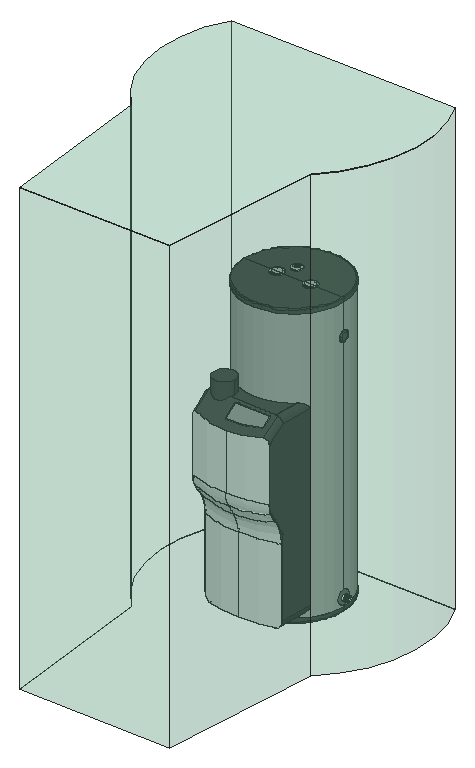
Revit family "Innovo BEFR_IR 32 285 BEFR NAT", category Mechanical Equipment, Revit 2015
Parameters (values of type "IR-32-285 BEFR NAT")
  largeur d'emballage = 786 mm  # constant formula
  l'Intervalle d'Entretien = "12 mois"  # constant formula
  Workspace Radius = Diameter + 170 mm  # 780 mm
  Workspace Height = Hauteur + 1000 mm  # 2745 mm
  Workspace Front Distance = 1000 mm
  Workspace [instance] = yes
  Valve Height 02 = if(and(Hauteur = 1745 mm, Diameter = 675 mm), 1518 mm, if(and(Hauteur = 1745 mm, Diameter = 610 mm), 1534 mm, if(Hauteur = 1545 mm, 1328 mm, 1070 mm)))  # 1534 mm
  Valve Height 01 = if(and(Diameter > 560 mm), 693 mm, 604 mm)  # 693 mm
  Valeur Maximale du Thermostat de Régulation = 85 °C  # constant formula
  Valeur Manimale du Thermostat de Régulation = 40 °C  # constant formula
  Valeur Défaut du Thermostat de Régulation = 65 °C  # constant formula
  URL = "www.aosmith.be"
  Type d'Installation = "B23/C13/C33/C43/C53/C63"  # constant formula
  Type d'emballage = "Carton et bois"  # constant formula
  Tension d'Alimentation (-15%, +10%) = 230 V  # constant formula
  Température Maximale des Fumées = 57 °C
  Temps de réchauffement à ΔT = 70°C = "49"
  Temps de réchauffement à ΔT = 55°C = "39"
  Temps de réchauffement à ΔT = 50°C = "35"
  Temps de réchauffement à ΔT = 44°C = "31"
  Temps de réchauffement à ΔT = 28°C = "20"
  Spécifications du Produit = ""
  Réglages du thermostat du chauffe-eau = 65 °C  # constant formula
  Réglage Standard Pour = "G20/G25"
  Rendement Saisonnier (Hs) = [Rendement (Hs, acc. NEN-EN 89 - 1999)]  # 97
  Rendement (Hs, acc. NEN-EN 89 - 1999) = 97
  Rendement (Hi, acc. NEN-EN 89 - 1999) = 108
  Raccord Évacuation de la Condensation = 40 mm  # constant formula
  Raccord de la Soupape de Vidange = 1"
  Raccord de Sortie d'Eau Chaude = 1"
  Raccord de Gaz = 15"  # constant formula
  Raccord d'Alimentation en Eau Froide = 3/4"  # constant formula
  Raccord Robinet de Vidange = 3/4"  # constant formula
  Puissance Électrique Absorbée (sommet) = 105 W
  Puissance Électrique Absorbée (nominal) = 51 W
  Profondeur d'emballage = 946 mm  # constant formula
  Profondeur = 780 mm  # constant formula
  Profils de soutirage déclaré = "XXL"
  Production Nominale = "23800.0/19800.0"
  Pression de Fonctionnement Maximale = 800000.0 Pa  # constant formula
  Pression Différentielle d'Ouverture de l'Interrupteur de Pression < = 210.0 Pa
  Pression Amont de Gaz = "2000/2500 Pa"
  Precaustions during assembling, installation or maintenance = "voir Manuel d'installation, d'emploi er d'entretien"  # constant formula
  Poids à vide = 136 kg
  Poids de Transport = 153 kg
  Phase = 1
  Pertes en Veille - tous les jours (24h) = 0 W
  Pertes en Veille = 0 W
  Nombre de modèle du produit (EAN) = "8717449286194"
  Niveau du Son dB (A) = "<45"  # constant formula
  Niveau de puissance acoustique à l'intérieur = "53 dB"
  NOx-émissions mg/kWh = "33.0/25.0"
  NOx-émissions (ven air, 0% O2) ppm = "21.0/15.0"
  Modèdele = "IR-24-285"
  Model = "IR-24-285 FR NAT"
  Marque commerciale = "A.O. Smith"  # constant formula
  Manufacturer = "A.O. Smith Water Products Company b.v."  # constant formula
  Largeur = Diameter  # 610 mm
  La commande intelligente = no
  L'efficacité énergétique pour le chauffage de l'eau (2) = "-"
  L'efficacité énergétique pour le chauffage de l'eau (1) = "91%"
  Hauteur du Raccordement au Gaz = 905 mm
  Hauteur de la Sortie d'eau Chaude = 1745 mm
  Hauteur de l'Alimentation en eau Froide = 170 mm
  Hauteur d'emballage = 1895 mm
  Hauteur Conduit d'Évacuation des Fumées = 1350 mm
  Hauteur Conduit d'Alimentation en Air = 1350 mm
  Hauteur = 1745 mm
  Guide de Produit = ""
  Garantie sur la Cuve = "36 mois"  # constant formula
  Garantie Pièces = "12 mois"  # constant formula
  Fréquence secteur = 50 Hz  # constant formula
  Forctionner qu'en heures creuses = no
  Fabricant No. = "E 7110"  # constant formula
  Epaisseur d'Isolation = 44 mm
  Débit de vidage à ΔT = 70°C après 90 min. = 630.0 L
  Débit de vidage à ΔT = 70°C après 60 min. = 490.0 L
  Débit de vidage à ΔT = 70°C après 30 min. = 340.0 L
  Débit de vidage à ΔT = 70°C après 120 min. = 780.0 L
  Débit de vidage à ΔT = 55°C après 90 min. = 830.0 L
  Débit de vidage à ΔT = 55°C après 60 min. = 650.0 L
  Débit de vidage à ΔT = 55°C après 30 min. = 460.0 L
  Débit de vidage à ΔT = 55°C après 120 min. = 1100.0 L
  Débit de vidage à ΔT = 50°C après 90 min. = 920.0 L
  Débit de vidage à ΔT = 50°C après 60 min. = 720.0 L
  Débit de vidage à ΔT = 50°C après 30 min. = 510.0 L
  Débit de vidage à ΔT = 50°C après 120 min. = 1200.0 L
  Débit de vidage à ΔT = 44°C après 90 min. = 1100.0 L
  Débit de vidage à ΔT = 44°C après 60 min. = 820.0 L
  Débit de vidage à ΔT = 44°C après 30 min. = 590.0 L
  Débit de vidage à ΔT = 44°C après 120 min. = 1300.0 L
  Débit de vidage à ΔT = 28°C après 90 min. = 1700.0 L
  Débit de vidage à ΔT = 28°C après 60 min. = 1400.0 L
  Débit de vidage à ΔT = 28°C après 30 min. = 960.0 L
  Débit de vidage à ΔT = 28°C après 120 min. = 2100.0 L
  Débit de vidage en Continu à ΔT = 70°C = 290.0 L/s
  Débit de vidage en Continu à ΔT = 55°C = 370.0 L/s
  Débit de vidage en Continu à ΔT = 50°C = 410.0 L/s
  Débit de vidage en Continu à ΔT = 44°C = 460.0 L/s
  Débit de vidage en Continu à ΔT = 28°C = 740.0 L/s
  Diamètre Cheminée - Système Parallèle = "2x80"  # constant formula
  Diamètre Cheminée - Système Concentrique = "80/125 mm/mm"  # constant formula
  Diamètre Cheminée - Boiler = "80/125 mm/mm"  # constant formula
  Diameter = 610 mm
  Destination / Country = "Belgique"  # constant formula
  Description = "Préparateur ECS Solaire en Combinaison avec Réservoir de Stockage"  # constant formula
  D'autres profils de soutirage = "-"
  Created By = "http://www.cadcompany.nl/"
  Consommation de Gaz - Volume ltr/hr = "2.30/2.30"
  Consommation de Gaz - Masse kg/h = "a/p"
  Class d'efficacité énergétique (2) = "-"
  Class d'efficacité énergétique (1) = "A"  # constant formula
  Charge Nominale (Valeur Supérieure) = "24400.0/19600.0"
  Charge Nominale (Valeur Inférieure) = "22000.0/18300.0"
  Charge Maximale au Sol = 438 kg
  Catégorie de Gaz = "I2E(S)B"
  Capacité = 285.0 L
  CO2 Émissions (tol. +/- 1.0) vol% = "9.3/7.5"
  CE-PIN = "0063CQ3037"  # constant formula
  BIM Content Developer = "CAD & Company"  # constant formula
  Assembly Code = "D3010"
  Annual fuel consumption (2) = "-"
  Annual fuel consumption (1) = "21 GJ GCV"
  Annual electricity consumption (2) = "-"
  Annual electricity consumption (1) = "45 kWh"
  2ème Entretien (Entretien Général) = "12 mois après l'installation"  # constant formula
  1er Entretien (check-up) = "3 mois après l'installation"  # constant formula
Reference planes
  plane 1 "Center (Front/Back)": y = 0
  plane 2: z = 0
  plane 3 "Center (Left/Right)": x = 0
  plane 4 "Pipe": through (-383.901, 912.349, 194.799) normal (-0.0879, -0.0879, 0.9923)
  plane 5 "footing": y = 118.925
  plane 6 "footing front": y = -237.85
  plane 7: x = -305
  plane 8: x = 305
  plane 9: z = 1745
Forms (mm)
  Revolve 1, solid, material "RAL 9005", detail levels medium+fine
    sketch origin (0, -237.85, 0) x (-1, 0, 0) y (0, 0, 1)
      loop
        line (0, 28.9) -> (-15, 28.9) -> (-15, 26.4) -> (-8.671, 26.4) -> (-8.671, 18) -> (-5.686, 18) -> (-6.626, 17.06) -> (-6.626, 12.06) -> (-8.671, 12.06) -> (-8.671, 10) -> (-10.031, 10) -> (-23.271, 5.181)
        arc (-23.271, 5.181) -> (-23.763, 4.836) -> (-24.017, 4.293) r 1.159
        line (-24.017, 4.293) -> (-24.017, 1.03)
        arc (-24.017, 1.03) -> (-23.715, 0.302) -> (-22.986, 0) r 1.03
        line (-22.986, 0) -> (0, 0) -> (0, 28.9)
      axis (0, 28.9) -> (0, 0)
    angle from 0 to 360
  Revolve 2, solid, material "RAL 9005", detail levels medium+fine
    sketch origin (0, 118.925, 0) x (-1, 0, 0) y (0, 0, 1)
      loop
        line (-205.984, 28.9) -> (-220.984, 28.9) -> (-220.984, 26.4) -> (-214.655, 26.4) -> (-214.655, 18) -> (-211.67, 18) -> (-212.61, 17.06) -> (-212.61, 12.06) -> (-214.655, 12.06) -> (-214.655, 10) -> (-216.015, 10) -> (-229.256, 5.181)
        arc (-229.256, 5.181) -> (-229.747, 4.836) -> (-230.001, 4.293) r 1.159
        line (-230.001, 4.293) -> (-230.001, 1.03)
        arc (-230.001, 1.03) -> (-229.699, 0.302) -> (-228.971, 0) r 1.03
        line (-228.971, 0) -> (-205.984, 0) -> (-205.984, 28.9)
      axis (-205.984, 28.9) -> (-205.984, 0)
    angle from 0 to 360
  Revolve 3, solid, material "RAL 9005", detail levels medium+fine
    sketch origin (0, 118.925, 0) x (-1, 0, 0) y (0, 0, 1)
      loop
        line (204.016, 28.9) -> (189.016, 28.9) -> (189.016, 26.4) -> (195.345, 26.4) -> (195.345, 18) -> (198.33, 18) -> (197.39, 17.06) -> (197.39, 12.06) -> (195.345, 12.06) -> (195.345, 10) -> (193.985, 10) -> (180.744, 5.181)
        arc (180.744, 5.181) -> (180.253, 4.836) -> (179.999, 4.293) r 1.159
        line (179.999, 4.293) -> (179.999, 1.03)
        arc (179.999, 1.03) -> (180.301, 0.302) -> (181.029, 0) r 1.03
        line (181.029, 0) -> (204.016, 0) -> (204.016, 28.9)
      axis (204.016, 28.9) -> (204.016, 0)
    angle from 0 to 360
Lines and regions (mm)
  symbolic lines
    curve 1: line (0, 280.06, 0) -> (0, -280.06, 0)
    curve 2: line (-280.06, 0, 0) -> (280.06, 0, 0)
  symbolic lines, style "Workspace"
    curve 3: line (681.142, 380.06, 0) -> (-681.142, 380.06, 0)
    curve 4: arc (-681.142, 380.06, 0) -> (-777.325, -64.546, 0) -> (-609.127, -487.2, 0) r 780
    curve 5: line (-609.127, -487.2, 0) -> (-421.783, -1517.825, 0)
    curve 6: line (-421.783, -1517.825, 0) -> (424.03, -1517.825, 0)
    curve 7: line (424.03, -1517.825, 0) -> (611.027, -484.816, 0)
    curve 8: arc (611.027, -484.816, 0) -> (777.449, -63.027, 0) -> (681.142, 380.06, 0) r 780
Dimensions and locks
  plane 5 "footing" to plane 1 "Center (Front/Back)" = 118.925 mm
  plane 1 "Center (Front/Back)" to plane 6 "footing front" = 237.85 mm
  "Diameter": plane 7 to plane 8
  equal spacing: plane 7, plane 3 "Center (Left/Right)", plane 8
  "Hauteur": plane 9 to plane 2
  "Workspace Front Distance": curve 6 to nested 3
  "Workspace Radius": radius of curve 4
  "Workspace Radius": radius of curve 8
  aligned and locked: level to plane 2
  aligned and locked: nested 3 to Revolve 1 sketch curve
  aligned and locked: plane 3 "Center (Left/Right)" to Revolve 1 sketch curve
  aligned and locked: nested 3 to plane 1 "Center (Front/Back)"
  aligned and locked: plane 3 "Center (Left/Right)" to nested 3
  aligned and locked: nested 1 to plane 8
  aligned and locked: nested 5 to plane 8
  aligned and locked: nested 2 to plane 7
  aligned and locked: nested 4 to plane 7
  aligned and locked: nested 7 to plane 7
  aligned and locked: nested 8 to plane 3 "Center (Left/Right)"
  aligned and locked: plane 1 "Center (Front/Back)" to nested 8
  aligned and locked: nested 8 to nested 3
  aligned and locked: curve 3 to nested 8
Automatic sketch dimensions
  Revolve 1 sketch curve to level = 0 mm
  plane 3 "Center (Left/Right)" to Revolve 1 sketch curve = 5.686 mm
  Revolve 1 sketch curve to Revolve 1 sketch curve = 0.94 mm  (x2)
  Revolve 1 sketch curve to Revolve 1 sketch curve = 2.046 mm  (x2)
  Revolve 1 sketch curve to Revolve 1 sketch curve = 1.359 mm
  Revolve 1 sketch curve to Revolve 1 sketch curve = 6.329 mm
  level to Revolve 1 sketch curve = 4.091 mm
  Revolve 1 sketch curve to Revolve 1 sketch curve = 12.844 mm
  level to Revolve 1 sketch curve = 1.03 mm
  Revolve 1 sketch curve to Revolve 1 sketch curve = 0.111 mm
  level to Revolve 1 sketch curve = 5.181 mm
  Revolve 1 sketch curve to Revolve 1 sketch curve = 0.745 mm
  level to Revolve 1 sketch curve = 10 mm
  Revolve 1 sketch curve to Revolve 1 sketch curve = 2.06 mm
  Revolve 1 sketch curve to Revolve 1 sketch curve = 5 mm
  Revolve 1 sketch curve to Revolve 1 sketch curve = 8.4 mm
  Revolve 1 sketch curve to Revolve 1 sketch curve = 2.5 mm
  Revolve 1 sketch curve to level = 19.635 mm
  Revolve 1 sketch curve to Revolve 1 sketch curve = 46.465 mm
  Revolve 2 sketch curve to level = 0 mm
  level to Revolve 2 sketch curve = 1.03 mm
  Revolve 2 sketch curve to plane 8 = 74.999 mm
  level to Revolve 2 sketch curve = 5.181 mm
  Revolve 2 sketch curve to Revolve 2 sketch curve = 0.745 mm
  Revolve 2 sketch curve to Revolve 2 sketch curve = 0.397 mm
  Revolve 2 sketch curve to Revolve 2 sketch curve = 8.271 mm
  Revolve 2 sketch curve to Revolve 2 sketch curve = 13.241 mm
  Revolve 2 sketch curve to Revolve 2 sketch curve = 1.359 mm
  Revolve 2 sketch curve to Revolve 2 sketch curve = 6.329 mm
  Revolve 2 sketch curve to Revolve 2 sketch curve = 2.046 mm
  level to Revolve 2 sketch curve = 18 mm
  Revolve 2 sketch curve to Revolve 2 sketch curve = 0.94 mm  (x2)
  Revolve 2 sketch curve to Revolve 2 sketch curve = 8.671 mm
  Revolve 2 sketch curve to Revolve 2 sketch curve = 1.089 mm
  Revolve 2 sketch curve to Revolve 2 sketch curve = 8 mm
  Revolve 2 sketch curve to Revolve 2 sketch curve = 2.06 mm
  Revolve 2 sketch curve to Revolve 2 sketch curve = 8.4 mm
  Revolve 2 sketch curve to Revolve 2 sketch curve = 2.5 mm
  Revolve 2 sketch curve to Revolve 2 sketch curve = 0 mm
  Revolve 2 sketch curve to level = 19.635 mm
  Revolve 2 sketch curve to Revolve 2 sketch curve = 46.465 mm
  Revolve 3 sketch curve to level = 0 mm
  level to Revolve 3 sketch curve = 1.03 mm
  Revolve 3 sketch curve to plane 7 = 125.001 mm
  level to Revolve 3 sketch curve = 5.181 mm
  Revolve 3 sketch curve to Revolve 3 sketch curve = 0.745 mm
  Revolve 3 sketch curve to Revolve 3 sketch curve = 0.397 mm
  Revolve 3 sketch curve to Revolve 3 sketch curve = 8.271 mm
  Revolve 3 sketch curve to Revolve 3 sketch curve = 13.241 mm
  Revolve 3 sketch curve to Revolve 3 sketch curve = 1.359 mm
  Revolve 3 sketch curve to Revolve 3 sketch curve = 6.329 mm
  Revolve 3 sketch curve to Revolve 3 sketch curve = 2.046 mm
  level to Revolve 3 sketch curve = 18 mm
  Revolve 3 sketch curve to Revolve 3 sketch curve = 0.94 mm  (x2)
  Revolve 3 sketch curve to Revolve 3 sketch curve = 8.671 mm
  Revolve 3 sketch curve to Revolve 3 sketch curve = 1.089 mm
  Revolve 3 sketch curve to Revolve 3 sketch curve = 8 mm
  Revolve 3 sketch curve to Revolve 3 sketch curve = 2.06 mm
  Revolve 3 sketch curve to Revolve 3 sketch curve = 8.4 mm
  Revolve 3 sketch curve to Revolve 3 sketch curve = 2.5 mm
  Revolve 3 sketch curve to Revolve 3 sketch curve = 0 mm
  Revolve 3 sketch curve to level = 19.635 mm
  Revolve 3 sketch curve to Revolve 3 sketch curve = 46.465 mm
  curve 4 to curve 8 = 0 mm  (x2)
  plane 1 "Center (Front/Back)" to curve 2 = 0 mm
  curve 1 to plane 3 "Center (Left/Right)" = 0 mm
  plane 1 "Center (Front/Back)" to curve 4 = 0 mm
  curve 4 to plane 3 "Center (Left/Right)" = 0 mm
  curve 5 to plane 6 "footing front" = 249.35 mm
  plane 7 to curve 5 = 116.783 mm
  plane 8 to curve 7 = 119.03 mm
  curve 7 to plane 6 "footing front" = 246.966 mm
  curve 2 to plane 7 = 24.94 mm
  curve 2 to plane 8 = 24.94 mm
  curve 1 to plane 6 "footing front" = 42.21 mm
  plane 5 "footing" to curve 1 = 161.135 mm
Nested families
  nested 1: "Valve" at (305, -0.38, 1534) x (0, 1, 0) z (0, 0, 1), built-in parameter 1001364 <- "Valve Height 02", type "Valve"
  nested 2: "Drain Valve" at (-305, 0, 1534), built-in parameter 1001364 <- "Valve Height 02", type "Drain Valve"
  nested 3: "Housing Mother Housing S 57 (external)" at (0, -299.886, 0), type "Housing Mother_Housing S_57"
    with radius 305 mm, distance to boiler center 154 mm, diameter 610 mm
  nested 4: "Drain Valve" at (-305, 0, 177), type "Drain Valve"
  nested 5: "Drain Valve" at (305, 0, 107) x (-1, 0, 0) z (0, 0, 1), type "Drain Valve"
  nested 6: "Boiler" at (0, 0, 0), height <- "Hauteur", type "Boiler"
    with height 1745 mm, radius 305 mm, Diameter 610 mm
  nested 7: "Drain Valve" at (-305, 0, 693), built-in parameter 1001364 <- "Valve Height 01", type "Drain Valve"
  nested 8: "Innovo_workspace" at (0, 0, 0), Workspace <- "Workspace", Workspace Distance Front <- "Workspace Front Distance", Workspace Height <- "Workspace Height", Workspace Radius <- "Workspace Radius", type "Workspace"
    with Workspace Radius 780 mm, Workspace Height 2745 mm, Workspace Distance Front 1000 mm, Workspace yes, Center to Front 517.825 mm
Connectors
  piping at (339.826, 0, 107), diameter 19.05, driven by "Raccord Robinet de Vidange"
    settings: on nested 5, index 1, connector inside diameter 24", connector length 0 mm, flow factor 0, pipe flow 0.0 L/s, pressure drop 0.0 Pa, fitting loss kfactor 0, connector angle 0.00°, fixture units 0, engagement length 0 mm, angle of deflection 0.00°, flow configuration 0, flow direction 0, fitting loss method 0, system type 19, joint type 0, gender type 0, connector reference index -1, connector utility 0, adjustable connector no, is connector primary yes, connector description ""
  hvac at (-147.013, -346.326, 1310.674)
    settings: on nested 3, index 2, duct flow 0.0 L/s, flow factor 0, pres drop 0.0 Pa, loss coef 0, conn angle 0.00°, conn width 304.8 mm, conn height 304.8 mm, conn diameter 125 mm, duct sys type 4, conn prof type 0, flow config 0, flow direction 0, loss method 0, conn ref index -1, conn util no, is conn primary yes, conn desc ""
Definition of nested family "Valve"
  Parameters (values of type "Valve")
    Type Comments = "T&P valve (internal)"
    Manufacturer = "A.O. Smith"
  Reference planes
    plane 1 "Center (Front/Back)": y = 0
    plane 2: z = 0
    plane 3 "Center (Left/Right)": x = 0
  Forms (mm)
    Extrusion 1, solid, detail levels fine
      sketch origin (0, 0, 0) x (1, 0, 0) y (0, 0, 1)
        loop
          circle (0, 0) r 31.5
      from -2.271 to 1.4
    Sweep 2, solid, detail levels fine
      path origin (0, -1.4, 0) x (1, 0, 0) y (0, 0, 1)
        loop
          circle (0, 0) r 31.5
      profile origin (0, -1.4, 31.5) x (0, 0, -1) y (0, -1, 0)
        loop
          line (7.3, 0) -> (7.3, 3) -> (0, 0) -> (7.3, 0)
  Dimensions and locks
    aligned and locked: level to plane 2
Definition of nested family "Drain Valve"
  Reference planes
    plane 1 "Center (Front/Back)": y = 0
    plane 2: z = 0
    plane 3 "Center (Left/Right)": x = 0
  Forms (mm)
    Revolve 1, solid, detail levels medium+fine
      sketch origin (0, 0, 0) x (1, 0, 0) y (0, 0, 1)
        loop
          line (-33.442, 15.696) -> (-34.826, 14.329) -> (-34.93, 12.731) -> (-16.555, 12.731) -> (-16.555, 0) -> (15.787, 0) -> (15.787, 18.3) -> (-14.4, 18.3) -> (-17.148, 15.533) -> (-18.729, 16.697) -> (-20.091, 15.333) -> (-21.672, 16.496) -> (-23.034, 15.133) -> (-24.614, 16.296) -> (-25.976, 14.932) -> (-27.557, 16.096) -> (-28.919, 14.732) -> (-30.5, 15.896) -> (-31.862, 14.532) -> (-33.442, 15.696)
        axis (-34.93, 0) -> (15.787, 0)
      angle from 0 to 360
  Dimensions and locks
    aligned and locked: level to plane 2
  Nested families
    nested 1: "Rubber sealing" at (2.592, -0.155, 0) x (0.0023, -1, 0) z (0, 0, 1), type "Rubber sealing", detail levels fine
  Definition of nested family "Rubber sealing"
    Reference planes
      plane 1 "Center (Front/Back)": y = 0
      plane 2: z = 0
      plane 3 "Center (Left/Right)": x = 0
    Forms (mm)
      Extrusion 1, solid, detail levels fine
        sketch origin (141.861, 319.581, 0) x (1, 0, 0) y (0, 1, 0)
          loop
            line (-216.354, -311.898) -> (-216.354, -313.94)
            arc (-216.354, -313.94) -> (-141.602, -321.581) -> (-66.861, -313.835) r 366.966
            line (-66.861, -313.835) -> (-66.861, -311.791)
            arc (-66.861, -311.791) -> (-141.602, -319.581) -> (-216.354, -311.898) r 364.966
        from -80 to 80
      Extrusion 2, void
        sketch origin (141.861, 319.581, 0) x (1, 0, 0) y (0, 0, 1)
          loop
            circle (-141.861, 0) r 13
          loop
            circle (-141.861, 0) r 110
          loop
            circle (-141.861, 0) r 40
        from 311.563 to 332.684
      Extrusion 3, void
        sketch origin (141.861, 319.581, 0) x (1, 0, 0) y (0, 0, 1)
          loop
            circle (-141.861, 0) r 18.25
        from 315.524 to 326.084
    Cuts and joins
      Extrusion 2, Extrusion 3 cuts Extrusion 1
    Dimensions and locks
      aligned and locked: level to plane 2
Definition of nested family "Housing Mother Housing S 57 (external)"
  Parameters (values of type "Housing Mother_Housing S_57")
    radius [instance] = 280 mm
    distance to boiler center = if(diameter = 675 mm, 189 mm, if(diameter = 610 mm, 154 mm, 129 mm))  # 129 mm
    diameter = 560 mm
  Reference planes
    plane 1 "Center (Front/Back)": y = 0
    plane 2: z = 0
    plane 3 "Center (Left/Right)": x = 0
    plane 4 "left": through (-245.286, 145.886, 1200) normal (0.9994, 0.0349, 0)
    plane 5: y = -217.939
    plane 6: y = 145.886
    plane 7: z = 1232.6
    plane 8: z = 65.89
    plane 9 "right": through (245.286, 145.886, 1200) normal (0.9994, -0.0349, 0)
    plane 10 "display": through (0, -90.37, 1221.196) normal (0, -0.5736, 0.8192)
    plane 11 "Potentiostat": z = 867.899
    plane 12 "boiler center": y = 274.886
    plane 13: x = -280
    plane 14: x = 280
  Forms (mm)
    Extrusion 1, solid
      sketch origin (0, 0, 0) x (1, 0, 0) y (0, 1, 0)
        loop
          line (-245.286, 145.886) -> (-232.581, -217.939) -> (232.581, -217.939) -> (245.286, 145.886)
          arc (245.286, 145.886) -> (0, 0.923) -> (-245.286, 145.886) r 280
      from 0 to 1232.6
    Sweep 2, void
      path origin (0, 0, 0) x (0, 1, 0) y (0, 0, 1)
        loop
          line (-217.939, 1232.6) -> (-217.939, 795.555)
          arc (-217.939, 795.555) -> (-212.387, 754.285) -> (-197.694, 715.322) r 183.924
          arc (-197.694, 715.322) -> (-179.915, 684.628) -> (-159.106, 655.901) r 348.284
          arc (-159.106, 655.901) -> (-131.411, 600.328) -> (-121.88, 538.973) r 202.254
          line (-121.88, 538.973) -> (-121.88, 61.106)
      profile origin (0, -217.939, 1014.077) x (1, 0, 0) y (0, 1, 0)
        loop
          arc (0, 0) -> (-117.533, 9.941) -> (-231.728, 39.475) r 699.984
          arc (-231.728, 39.475) -> (-233.391, 40.705) -> (-234.07, 42.659) r 3.505
          line (-234.07, 42.659) -> (-254.062, 42.659) -> (-254.062, -142.593) -> (254.07, -142.593) -> (254.07, 42.659) -> (234.07, 42.659)
          arc (234.07, 42.659) -> (233.391, 40.705) -> (231.728, 39.475) r 3.505
          arc (231.728, 39.475) -> (117.533, 9.941) -> (0, 0) r 699.984
    Extrusion 3, void
      sketch origin (0, 0, 0) x (0, 1, 0) y (0, 0, 1)
        loop
          arc (102.864, 70.869) -> (99.804, 70.709) -> (96.874, 69.813) r 12.57
          arc (96.874, 69.813) -> (87.878, 66.533) -> (78.516, 64.529) r 69.114
          arc (78.516, 64.529) -> (76.41, 64.284) -> (74.294, 64.148) r 41.206
          arc (74.294, 64.148) -> (65.203, 64.335) -> (56.122, 64.782) r 318.661
          arc (56.122, 64.782) -> (30.585, 66.179) -> (5.028, 67.128) r 1456.581
          line (5.028, 67.128) -> (-84.534, 73.135)
          arc (-84.534, 73.135) -> (-86.363, 73.808) -> (-87.536, 75.365) r 3.455
          line (-87.536, 75.365) -> (-264.473, 75.365) -> (-264.473, 0) -> (160.886, 0) -> (160.886, 103.945) -> (145.886, 103.945)
          arc (145.886, 103.945) -> (145.104, 97.827) -> (142.923, 92.059) r 26.364
          arc (142.923, 92.059) -> (141.067, 88.936) -> (138.867, 86.045) r 31.715
          arc (138.867, 86.045) -> (135.576, 82.49) -> (132.021, 79.2) r 62.615
          arc (132.021, 79.2) -> (125.841, 74.697) -> (119.091, 71.103) r 54.444
          arc (119.091, 71.103) -> (116.371, 70.272) -> (113.531, 70.123) r 11.669
          line (113.531, 70.123) -> (102.864, 70.869)
      from -254.062 to 254.07
    Sweep 4, void
      path origin (0, 0, 0) x (1, 0, 0) y (0, 1, 0)
        loop
          line (-245.286, 145.886) -> (-232.581, -217.939)
      profile origin (-238.933, -36.027, 0) x (0.999391, 0.034899, 0) y (0, 0, 1)
        loop
          line (-4.454, 0) -> (47.084, 0) -> (47.084, 73.431)
          arc (47.084, 73.431) -> (14.222, 85.134) -> (0.255, 117.1) r 43.922
          line (0.255, 117.1) -> (-4.454, 117.1) -> (-4.454, 0)
    Sweep 5, void
      path origin (0, 0, 0) x (-1, 0, 0) y (0, 1, 0)
        loop
          line (-245.286, 145.886) -> (-232.581, -217.939)
      profile origin (238.933, -36.027, 0) x (0.999391, -0.034899, 0) y (0, 0, 1)
        loop
          line (4.454, 0) -> (4.454, 117.1) -> (-0.255, 117.1)
          arc (-0.255, 117.1) -> (-14.222, 85.134) -> (-47.084, 73.431) r 43.922
          line (-47.084, 73.431) -> (-47.084, 0) -> (4.454, 0)
    Sweep 6, void
      path origin (-239.899, -8.377, 0) x (-0.034899, 0.999391, 0) y (0, 0, 1)
        loop
          line (-209.69, 1141.272) -> (-79.18, 1232.6) -> (154.358, 1232.6)
      profile origin (-241.211, 29.188, 1232.6) x (0, 0, 1) y (0.999391, 0.034899, 0)
        loop
          line (-45, -30) -> (75, -30) -> (75, 0) -> (75, 55) -> (2.799, 55) -> (-1.253, 35.128)
          arc (-1.253, 35.128) -> (-16.771, 9.564) -> (-45, -0.308) r 44.287
          line (-45, -0.308) -> (-45, -30)
    Sweep 7, void
      path origin (239.899, -8.377, 0) x (0.034899, 0.999391, 0) y (0, 0, 1)
        loop
          line (-209.69, 1141.272) -> (-79.18, 1232.6) -> (154.358, 1232.6)
      profile origin (241.211, 29.188, 1232.6) x (0, 0, -1) y (-0.999391, 0.034899, 0)
        loop
          line (-75, -25) -> (45, -25) -> (45, -0.308)
          arc (45, -0.308) -> (16.771, 9.564) -> (1.253, 35.128) r 44.287
          line (1.253, 35.128) -> (-2.799, 55) -> (-75, 55) -> (-75, -25)
    Extrusion 8, void
      sketch origin (0, 0, 0) x (0, 1, 0) y (0, 0, 1)
        loop
          line (-270, 1336.099) -> (-270, 1099.081) -> (68.497, 1336.099) -> (-270, 1336.099)
      from -425.038 to 444.42
    Extrusion 9, solid, detail levels medium+fine
      sketch origin (0, 0, 0) x (1, 0, 0) y (0, 1, 0)
        loop
          circle (-147.013, -46.44) r 65
      from 1163.174 to 1310.674
    Extrusion 10, void
      sketch origin (0, -603.506, 861.895) x (0, 0.819152, 0.573576) y (-1, 0, 0)
        loop
          arc (618.322, -173) -> (623.272, -170.95) -> (625.322, -166) r 7
          line (625.322, -166) -> (625.322, 35)
          arc (625.322, 35) -> (623.272, 39.95) -> (618.322, 42) r 7
          line (618.322, 42) -> (535.473, 42)
          arc (535.473, 42) -> (530.688, 40.11) -> (528.488, 35.46) r 7
          arc (528.488, 35.46) -> (531.569, -67.592) -> (554.18, -168.18) r 540
          arc (554.18, -168.18) -> (556.724, -171.668) -> (560.831, -173) r 7
          line (560.831, -173) -> (618.322, -173)
      from 0 to 137.286
    Sweep 11, solid, detail levels fine
      path origin (0, 0, 867.899) x (-1, 0, 0) y (0, -1, 0)
        loop
          line (309.749, -35.617) -> (204.371, -35.617)
          arc (204.371, -35.617) -> (196.509, -34.687) -> (189.082, -31.947) r 33.677
          line (189.082, -31.947) -> (-9.574, 69.274)
      profile origin (-257.06, 35.617, 867.899) x (0, 1, 0) y (0, 0, 1)
        loop
          circle (0, 0) r 7.316
        loop
          circle (0, 0) r 6.465
    Revolve 12, void
      sketch origin (0, 274.886, 0) x (-1, 0, 0) y (0, 0, 1)
        loop
          line (280, 1243.838) -> (0, 1243.838) -> (0, 54.9) -> (280, 54.9) -> (280, 1243.838)
        axis (0, 1243.838) -> (0, 54.9)
      angle from 0 to 360
  Cuts and joins
    Sweep 2, Extrusion 3, Sweep 4, Sweep 5, Sweep 6, Sweep 7, Extrusion 8, Extrusion 10, Revolve 12 cuts Extrusion 1
  Dimensions and locks
    plane 8 to plane 2 = 65.89 mm
    plane 7 to plane 8 = 1166.71 mm
    "distance to boiler center": plane 12 "boiler center" to plane 6
    "diameter": plane 14 to plane 13
    equal spacing: plane 14, plane 3 "Center (Left/Right)", plane 13
    "radius": plane 3 "Center (Left/Right)" to plane 13
    aligned and locked: level to plane 2
    aligned and locked: Extrusion 1 to plane 7
    aligned and locked: Extrusion 1 sketch curve to plane 5
    aligned and locked: Sweep 2 to Extrusion 3
    aligned and locked: Extrusion 3 to Sweep 2  (x2)
    aligned and locked: plane 7 to Sweep 2 sketch curve
    aligned and locked: plane 3 "Center (Left/Right)" to Revolve 12 sketch curve
    aligned and locked: Revolve 12 sketch curve to plane 3 "Center (Left/Right)"
    aligned and locked: plane 13 to Revolve 12 sketch curve
  Automatic sketch dimensions
    Extrusion 1 sketch curve to plane 4 "left" = 0 mm  (x2)
    Extrusion 1 sketch curve to plane 6 = 0 mm  (x2)
    Extrusion 1 sketch curve to plane 3 "Center (Left/Right)" = 0 mm
    Extrusion 1 sketch curve to plane 9 "right" = 0 mm
    plane 6 to Extrusion 1 sketch curve = 135.037 mm
    Sweep 2 sketch curve to plane 5 = 0 mm
    plane 5 to Sweep 2 sketch curve = 106.195 mm
    Sweep 2 sketch curve to plane 5 = 96.059 mm
    plane 1 "Center (Front/Back)" to Sweep 2 sketch curve = 34.053 mm
    plane 11 "Potentiostat" to Sweep 2 sketch curve = 6.417 mm
    Sweep 2 sketch curve to plane 6 = 33.705 mm
    Sweep 2 sketch curve to plane 11 "Potentiostat" = 68.615 mm
    Sweep 2 sketch curve to plane 11 "Potentiostat" = 72.345 mm
    Sweep 2 sketch curve to Sweep 2 sketch curve = 176.349 mm
    Sweep 2 sketch curve to Sweep 2 sketch curve = 0 mm  (x2)
    plane 8 to Sweep 2 sketch curve = 4.784 mm
    Extrusion 3 sketch curve to level = 0 mm
    Extrusion 3 sketch curve to plane 6 = 0 mm
    Extrusion 3 sketch curve to plane 6 = 26.363 mm
    Extrusion 3 sketch curve to Extrusion 3 sketch curve = 4.75 mm
    Extrusion 3 sketch curve to Extrusion 3 sketch curve = 5.179 mm
    Extrusion 3 sketch curve to plane 8 = 4.232 mm
    Extrusion 3 sketch curve to Extrusion 3 sketch curve = 0.814 mm
    Extrusion 3 sketch curve to plane 8 = 4.978 mm
    Extrusion 3 sketch curve to Extrusion 3 sketch curve = 10.667 mm
    Extrusion 3 sketch curve to Extrusion 3 sketch curve = 0.877 mm
    Extrusion 3 sketch curve to Extrusion 3 sketch curve = 17.827 mm
    Extrusion 3 sketch curve to Extrusion 3 sketch curve = 5.646 mm
    Extrusion 3 sketch curve to plane 6 = 69.562 mm
    Extrusion 3 sketch curve to Extrusion 3 sketch curve = 18.6 mm
    Extrusion 3 sketch curve to Extrusion 3 sketch curve = 22.538 mm
    Extrusion 3 sketch curve to plane 8 = 1.238 mm
    Extrusion 3 sketch curve to plane 1 "Center (Front/Back)" = 5.028 mm
    plane 1 "Center (Front/Back)" to Extrusion 3 sketch curve = 36.224 mm
    Extrusion 3 sketch curve to plane 8 = 10.692 mm
    plane 1 "Center (Front/Back)" to Extrusion 3 sketch curve = 84.302 mm
    Extrusion 3 sketch curve to plane 8 = 7.244 mm
    Extrusion 3 sketch curve to Extrusion 3 sketch curve = 0.231 mm
    Extrusion 3 sketch curve to Extrusion 3 sketch curve = 3.234 mm
    plane 5 to Extrusion 3 sketch curve = 46.534 mm
    plane 6 to Extrusion 3 sketch curve = 15 mm
    Extrusion 3 sketch curve to level = 1388.869 mm
    plane 8 to Extrusion 3 sketch curve = 7.561 mm
    Extrusion 3 sketch curve to Extrusion 3 sketch curve = 11.64 mm
    Extrusion 3 sketch curve to plane 8 = 38.054 mm
    Extrusion 3 sketch curve to Extrusion 3 sketch curve = 22.442 mm
    Extrusion 3 sketch curve to plane 8 = 39.432 mm
    Extrusion 3 sketch curve to Extrusion 3 sketch curve = 2.466 mm
    Extrusion 3 sketch curve to Extrusion 3 sketch curve = 14.17 mm
    Extrusion 3 sketch curve to Extrusion 3 sketch curve = 5.925 mm
    Extrusion 3 sketch curve to Extrusion 3 sketch curve = 6.186 mm
    Extrusion 3 sketch curve to Extrusion 3 sketch curve = 249.85 mm
    Extrusion 3 sketch curve to Extrusion 3 sketch curve = 0 mm  (x4)
    Extrusion 3 sketch curve to Extrusion 3 sketch curve = 6.845 mm
    plane 8 to Extrusion 3 sketch curve = 1.743 mm
    Sweep 4 sketch curve to plane 4 "left" = 0 mm  (x2)
    Sweep 4 sketch curve to plane 6 = 0 mm
    plane 5 to Sweep 4 sketch curve = 0 mm
    Sweep 4 sketch curve to level = 0 mm
    profile plane to Sweep 4 sketch curve = 4.454 mm
    Sweep 4 sketch curve to profile plane = 0.255 mm
    Sweep 4 sketch curve to Sweep 4 sketch curve = 43.922 mm
    Sweep 4 sketch curve to profile plane = 47.084 mm
    level to Sweep 4 sketch curve = 73.431 mm
    Sweep 4 sketch curve to Sweep 4 sketch curve = 43.669 mm
    Sweep 5 sketch curve to plane 6 = 0 mm
    Sweep 5 sketch curve to plane 9 "right" = 0 mm  (x2)
    plane 5 to Sweep 5 sketch curve = 0 mm
    Sweep 5 sketch curve to level = 0 mm
    profile plane to Sweep 5 sketch curve = 47.084 mm
    Sweep 5 sketch curve to Sweep 5 sketch curve = 2.907 mm
    profile plane to Sweep 5 sketch curve = 0.255 mm
    Sweep 5 sketch curve to profile plane = 4.454 mm
    level to Sweep 5 sketch curve = 73.431 mm
    Sweep 5 sketch curve to Sweep 5 sketch curve = 43.669 mm
    Sweep 6 sketch curve to plane 7 = 0 mm
    plane 7 to Sweep 6 sketch curve = 91.328 mm
    Sweep 6 sketch curve to Sweep 6 sketch curve = 130.509 mm
    Sweep 6 sketch curve to Sweep 6 sketch curve = 233.538 mm
    Sweep 6 sketch curve to plane 4 "left" = 0 mm
    profile plane to Sweep 6 sketch curve = 45 mm
    Sweep 6 sketch curve to Sweep 6 sketch curve = 0.354 mm
    profile plane to Sweep 6 sketch curve = 1.253 mm
    Sweep 6 sketch curve to profile plane = 2.799 mm
    Sweep 6 sketch curve to Sweep 6 sketch curve = 72.201 mm
    Sweep 6 sketch curve to plane 4 "left" = 0.308 mm
    Sweep 6 sketch curve to Sweep 6 sketch curve = 29.692 mm
    plane 4 "left" to Sweep 6 sketch curve = 35.128 mm
    plane 4 "left" to Sweep 6 sketch curve = 55 mm
    Sweep 7 sketch curve to plane 7 = 0 mm
    Sweep 7 sketch curve to plane 7 = 91.328 mm
    Sweep 7 sketch curve to Sweep 7 sketch curve = 130.509 mm
    Sweep 7 sketch curve to Sweep 7 sketch curve = 233.538 mm
    Sweep 7 sketch curve to plane 9 "right" = 25 mm
    profile plane to Sweep 7 sketch curve = 75 mm
    profile plane to Sweep 7 sketch curve = 2.799 mm
    Sweep 7 sketch curve to profile plane = 1.253 mm
    Sweep 7 sketch curve to Sweep 7 sketch curve = 43.393 mm
    Sweep 7 sketch curve to profile plane = 45 mm
    Sweep 7 sketch curve to plane 9 "right" = 0.308 mm
    plane 9 "right" to Sweep 7 sketch curve = 35.128 mm
    Sweep 7 sketch curve to Sweep 7 sketch curve = 19.872 mm
    plane 5 to Extrusion 8 sketch curve = 52.061 mm
    Extrusion 8 sketch curve to plane 1 "Center (Front/Back)" = 68.497 mm
    plane 7 to Extrusion 8 sketch curve = 133.519 mm
    Extrusion 8 sketch curve to plane 7 = 103.499 mm
    plane 1 "Center (Front/Back)" to Extrusion 9 sketch curve = 46.44 mm
    Extrusion 9 sketch curve to plane 3 "Center (Left/Right)" = 147.013 mm
    Extrusion 10 sketch curve to plane 3 "Center (Left/Right)" = 0 mm
    Extrusion 10 sketch curve to plane 3 "Center (Left/Right)" = 35 mm
    Extrusion 10 sketch curve to Extrusion 10 sketch curve = 25.359 mm
    Extrusion 10 sketch curve to Extrusion 10 sketch curve = 57.491 mm
    Extrusion 10 sketch curve to plane 3 "Center (Left/Right)" = 42 mm
    Extrusion 10 sketch curve to Extrusion 10 sketch curve = 82.85 mm
    Extrusion 10 sketch curve to Extrusion 10 sketch curve = 7 mm
    Extrusion 10 sketch curve to Extrusion 10 sketch curve = 442 mm
    plane 3 "Center (Left/Right)" to Extrusion 10 sketch curve = 166 mm
    Extrusion 10 sketch curve to Extrusion 10 sketch curve = 0 mm  (x2)
    Sweep 11 sketch curve to plane 1 "Center (Front/Back)" = 31.947 mm
    Sweep 11 sketch curve to plane 3 "Center (Left/Right)" = 189.082 mm
    Sweep 11 sketch curve to plane 1 "Center (Front/Back)" = 1.94 mm
    Sweep 11 sketch curve to Sweep 11 sketch curve = 15.289 mm
    plane 3 "Center (Left/Right)" to Sweep 11 sketch curve = 9.574 mm
    Sweep 11 sketch curve to Sweep 11 sketch curve = 105.378 mm
    plane 1 "Center (Front/Back)" to Sweep 11 sketch curve = 69.274 mm
    Sweep 11 sketch curve to Sweep 11 sketch curve = 0 mm  (x2)
    Sweep 11 sketch curve to plane 11 "Potentiostat" = 0 mm
    Sweep 11 sketch curve to profile plane = 0 mm
    plane 8 to Revolve 12 sketch curve = 10.99 mm
    Revolve 12 sketch curve to plane 7 = 11.238 mm
    Revolve 12 sketch curve to level = 366.045 mm
    Revolve 12 sketch curve to Revolve 12 sketch curve = 971.917 mm
    Sweep 2 sketch curve to plane 3 "Center (Left/Right)" = 0 mm
    profile plane to Sweep 2 sketch curve = 0 mm
    Sweep 2 sketch curve to plane 3 "Center (Left/Right)" = 0.016 mm
    Sweep 2 sketch curve to profile plane = 42.782 mm  (x2)
    Sweep 2 sketch curve to plane 3 "Center (Left/Right)" = 230.568 mm
    plane 3 "Center (Left/Right)" to Sweep 2 sketch curve = 0.016 mm
    plane 3 "Center (Left/Right)" to Sweep 2 sketch curve = 230.568 mm
    Sweep 2 sketch curve to Sweep 2 sketch curve = 3.502 mm  (x2)
    Sweep 2 sketch curve to Sweep 2 sketch curve = 20 mm
    profile plane to Sweep 2 sketch curve = 142.593 mm
    Sweep 2 sketch curve to Sweep 2 sketch curve = 0.122 mm  (x2)
    Sweep 2 sketch curve to Sweep 2 sketch curve = 657.203 mm
    Sweep 2 sketch curve to Sweep 2 sketch curve = 19.991 mm
    radius of Extrusion 9 sketch curve = 65 mm
    radius of Sweep 11 sketch curve = 7.316 mm
    radius of Sweep 11 sketch curve = 6.465 mm
  Nested families
    nested 1: "display" at (65.5, -130.939, 1192.79) x (-1, 0, 0) z (0, -0.5736, 0.8192), type "display"
  Definition of nested family "display"
    Parameters (values of type "display")
      Default Elevation = 1219.2 mm
    Reference planes
      plane 1 "Center (Front/Back)": y = 0
      plane 2: z = 0
      plane 3 "Center (Left/Right)": x = 0
    Forms (mm)
      Extrusion 1, solid, detail levels medium+fine
        sketch origin (-16.958, 11.842, -343.878) x (1, 0, 0) y (0, 0, -1)
          loop
            line (-233.523, -343.878) -> (-233.523, -346.592) -> (332.686, -346.592) -> (332.686, -343.878) -> (-233.523, -343.878)
        from -228.7 to 150.822
      Extrusion 2, void
        sketch origin (-16.958, 6.842, -343.878) x (1, 0, 0) y (0, 1, 0)
          loop
            line (-233.523, 155.822) -> (-233.523, -223.7) -> (332.686, -223.7) -> (332.686, 155.822) -> (-233.523, 155.822)
          loop
            arc (-90.542, -48.267) -> (-88.492, -53.216) -> (-83.542, -55.267) r 7
            line (-83.542, -55.267) -> (117.458, -55.267)
            arc (117.458, -55.267) -> (122.408, -53.216) -> (124.458, -48.267) r 7
            line (124.458, -48.267) -> (124.458, 34.583)
            arc (124.458, 34.583) -> (122.568, 39.368) -> (117.918, 41.568) r 7
            arc (117.918, 41.568) -> (14.866, 38.487) -> (-85.722, 15.876) r 540
            arc (-85.722, 15.876) -> (-89.21, 13.332) -> (-90.542, 9.224) r 7
            line (-90.542, 9.224) -> (-90.542, -48.267)
        from 328.878 to 363.083
    Cuts and joins
      Extrusion 2 cuts Extrusion 1
    Dimensions and locks
      aligned and locked: level to plane 2
Definition of nested family "Boiler"
  Parameters (values of type "Boiler")
    radius [instance] = 280 mm
    height [instance] = 1270 mm
    Diameter = 560 mm
  Reference planes
    plane 1 "Center (Front/Back)": y = 0
    plane 2: z = 0
    plane 3 "Center (Left/Right)": x = 0
    plane 4: z = 1243.838
    plane 5: z = 1270
    plane 6 "bottom": z = 28.9
    plane 7: z = 54.9
    plane 8 "top controle": y = 88
    plane 9: x = -280
    plane 10: x = 280
  Forms (mm)
    Revolve 1, solid
      sketch origin (0, 0, 0) x (1, 0, 0) y (0, 0, 1)
        loop
          line (0, 54.9) -> (-280, 54.9) -> (-280, 32.9)
          arc (-280, 32.9) -> (-278.828, 30.072) -> (-276, 28.9) r 4
          line (-276, 28.9) -> (0, 28.9) -> (0, 54.9)
        axis (0, 28.9) -> (0, 54.9)
      angle from 0 to 360
    Revolve 2, solid
      sketch origin (1.311, 0, 0) x (1, 0, 0) y (0, 0, 1)
        loop
          line (-278.86, 1243.838) -> (-278.86, 54.9) -> (-1.311, 54.9) -> (-1.311, 1243.838) -> (-278.86, 1243.838)
        axis (-1.311, 1243.838) -> (-1.311, 54.9)
      angle from 0 to 360
    Revolve 3, solid
      sketch origin (-9.205, 0, 377.212) x (-1, 0, 0) y (0, 0, 1)
        loop
          line (-148.904, 892.788) -> (-110.805, 892.788) -> (-110.805, 895.963) -> (-141.883, 895.963) -> (-148.904, 893.62) -> (-148.904, 892.788)
        axis (-110.805, 892.788) -> (-110.805, 895.963)
      angle from 0 to 360
    Revolve 4, solid
      sketch origin (0, 0, 718.065) x (1, 0, 0) y (0, 0, -1)
        loop
          line (0, -525.773) -> (-280, -525.773) -> (-280, -547.935)
          arc (-280, -547.935) -> (-278.828, -550.763) -> (-276, -551.935) r 4
          line (-276, -551.935) -> (0, -551.935) -> (0, -525.773)
        axis (0, -551.935) -> (0, -525.773)
      angle from 0 to 360
    Revolve 5, solid
      sketch origin (0, 88, 0) x (1, 0, 0) y (0, 0, 1)
        loop
          line (-19.051, 1270) -> (-19.051, 1271.074) -> (-32.63, 1275.604) -> (-32.63, 1271.117) -> (-37.266, 1271.117) -> (-38.383, 1270) -> (-19.051, 1270)
        axis (-50.8, 1270) -> (-50.8, 1275.604)
      angle from 0 to 360
    Revolve 6, solid
      sketch origin (-217.12, 0, 372.245) x (-1, 0, 0) y (0, 0, 1)
        loop
          line (-153.622, 897.755) -> (-115.52, 897.755) -> (-115.52, 900.93) -> (-146.626, 900.93) -> (-153.622, 898.596) -> (-153.622, 897.755)
        axis (-115.52, 897.755) -> (-115.52, 900.93)
      angle from 0 to 360
  Dimensions and locks
    "height": plane 5 to plane 2
    plane 6 "bottom" to plane 2 = 28.9 mm
    locked: plane 5 to plane 4 at 26.162
    locked: plane 1 "Center (Front/Back)" to plane 8 "top controle" at 88
    "Diameter": plane 10 to plane 9
    equal spacing: plane 10, plane 3 "Center (Left/Right)", plane 9
    "radius": plane 3 "Center (Left/Right)" to plane 9
    locked: plane 9 to Revolve 2 sketch curve at 2.452
    aligned and locked: level to plane 2
    aligned and locked: Revolve 2 sketch curve to plane 7
    aligned and locked: Revolve 2 sketch curve to plane 4
    aligned and locked: Revolve 1 sketch curve to plane 7
    aligned and locked: plane 6 "bottom" to Revolve 1 sketch curve
    aligned and locked: Revolve 4 sketch curve to plane 3 "Center (Left/Right)"
    aligned and locked: plane 5 to Revolve 4 sketch curve
    aligned and locked: Revolve 4 sketch curve to plane 4
    aligned and locked: plane 9 to Revolve 4 sketch curve
    aligned and locked: Revolve 1 sketch curve to plane 9
    aligned and locked: Revolve 2 sketch curve to plane 3 "Center (Left/Right)"
    aligned and locked: plane 3 "Center (Left/Right)" to Revolve 2 sketch curve
  Automatic sketch dimensions
    Revolve 1 sketch curve to plane 3 "Center (Left/Right)" = 0 mm  (x2)
    Revolve 1 sketch curve to Revolve 1 sketch curve = 4 mm
    Revolve 1 sketch curve to level = 40 mm
    Revolve 1 sketch curve to Revolve 1 sketch curve = 305.1 mm
    Revolve 2 sketch curve to level = 366.045 mm
    Revolve 2 sketch curve to plane 5 = 945.755 mm
    Revolve 3 sketch curve to plane 5 = 0 mm
    Revolve 3 sketch curve to plane 3 "Center (Left/Right)" = 139.699 mm
    plane 5 to Revolve 3 sketch curve = 3.175 mm
    Revolve 3 sketch curve to Revolve 3 sketch curve = 7.022 mm
    Revolve 3 sketch curve to Revolve 3 sketch curve = 31.078 mm
    Revolve 3 sketch curve to Revolve 3 sketch curve = 0.832 mm
    Revolve 3 sketch curve to Revolve 3 sketch curve = 0 mm
    Revolve 3 sketch curve to Revolve 3 sketch curve = 2.338 mm
    Revolve 3 sketch curve to Revolve 3 sketch curve = 4.487 mm
    Revolve 4 sketch curve to plane 3 "Center (Left/Right)" = 0 mm
    Revolve 4 sketch curve to Revolve 4 sketch curve = 4 mm
    Revolve 4 sketch curve to Revolve 4 sketch curve = 68.738 mm
    Revolve 4 sketch curve to Revolve 4 sketch curve = 305.1 mm
    Revolve 6 sketch curve to plane 5 = 0 mm
    plane 3 "Center (Left/Right)" to Revolve 6 sketch curve = 63.497 mm
    plane 5 to Revolve 6 sketch curve = 3.175 mm
    Revolve 6 sketch curve to Revolve 6 sketch curve = 6.997 mm
    Revolve 6 sketch curve to Revolve 6 sketch curve = 31.106 mm
    Revolve 6 sketch curve to Revolve 6 sketch curve = 0.84 mm
    Revolve 6 sketch curve to Revolve 6 sketch curve = 0 mm
    Revolve 6 sketch curve to Revolve 6 sketch curve = 7.216 mm
    Revolve 6 sketch curve to Revolve 6 sketch curve = 0.391 mm
    Revolve 5 sketch curve to Revolve 5 sketch curve = 13.578 mm
    Revolve 5 sketch curve to Revolve 5 sketch curve = 1.074 mm
    Revolve 5 sketch curve to Revolve 5 sketch curve = 12.417 mm
    Revolve 5 sketch curve to Revolve 5 sketch curve = 5.753 mm
    Revolve 5 sketch curve to plane 5 = 1.117 mm
    Revolve 5 sketch curve to Revolve 5 sketch curve = 1.117 mm
    plane 5 to Revolve 5 sketch curve = 4.396 mm
    Revolve 5 sketch curve to plane 5 = 0 mm
    Revolve 5 sketch curve to Revolve 5 sketch curve = 4.487 mm
    Revolve 5 sketch curve to plane 3 "Center (Left/Right)" = 38.383 mm
    Revolve 5 sketch curve to plane 5 = 5.604 mm
Definition of nested family "Innovo_workspace"
  Parameters (values of type "Workspace")
    Workspace Radius [instance] = 730 mm
    Workspace Height [instance] = 2270 mm
    Workspace Distance Front [instance] = 1000 mm
    Workspace [instance] = yes
    URL = "www.aosmith.nl"
    Model = ""
    Manufacturer = "A.O. Smith Water Products Company b.v."  # constant formula
    Description = ""
    Created By = ""
    Center to Front [instance] = 492.825 mm
    BIM Content Developer = "CAD & Company"  # constant formula
    Assembly Code = ""
  Reference planes
    plane 1 "Center (Front/Back)": y = 0
    plane 2: z = 0
    plane 3 "Center (Left/Right)": x = 0
    plane 4 "Pipe": through (-383.901, 912.349, 194.799) normal (-0.0879, -0.0879, 0.9923)
    plane 5 "front": y = -492.825
  Forms (mm)
    Extrusion 1, solid, visible <- "Workspace"
      sketch origin (0, 0, 0) x (1, 0, 0) y (0, 1, 0)
        loop
          line (456.53, -1492.825) -> (500.201, -531.695)
          arc (500.201, -531.695) -> (723.44, -97.643) -> (623.261, 380.06) r 730
          line (623.261, 380.06) -> (-623.261, 380.06)
          arc (-623.261, 380.06) -> (-723.227, -99.209) -> (-497.893, -533.856) r 730
          line (-497.893, -533.856) -> (-454.283, -1492.825) -> (456.53, -1492.825)
      from 0 to 2270 <- "Workspace Height"
  Lines and regions (mm)
    symbolic lines
      curve 1: line (0, 280.06, 0) -> (0, -280.06, 0)
      curve 2: line (-255.06, 0, 0) -> (255.06, 0, 0)
  Dimensions and locks
    locked: Extrusion 1 sketch curve to curve 1 at 100
    "Workspace Distance Front": plane 5 "front" to Extrusion 1
    "Center to Front": plane 1 "Center (Front/Back)" to plane 5 "front"
    "Workspace Radius": radius of Extrusion 1 sketch curve  (x2)
    aligned and locked: level to plane 2
  Automatic sketch dimensions
    plane 1 "Center (Front/Back)" to curve 2 = 0 mm
    curve 1 to plane 3 "Center (Left/Right)" = 0 mm
    plane 3 "Center (Left/Right)" to curve 2 = 255.06 mm
    curve 1 to plane 1 "Center (Front/Back)" = 280.06 mm
    curve 2 to plane 3 "Center (Left/Right)" = 255.06 mm
    plane 5 "front" to curve 1 = 212.765 mm
    Extrusion 1 sketch curve to Extrusion 1 sketch curve = 0 mm  (x2)
    plane 1 "Center (Front/Back)" to Extrusion 1 sketch curve = 0 mm
    Extrusion 1 sketch curve to plane 3 "Center (Left/Right)" = 0 mm
    Extrusion 1 sketch curve to plane 5 "front" = 41.031 mm
    Extrusion 1 sketch curve to plane 3 "Center (Left/Right)" = 454.283 mm
    plane 3 "Center (Left/Right)" to Extrusion 1 sketch curve = 456.53 mm
    Extrusion 1 sketch curve to plane 5 "front" = 38.869 mm
    Extrusion 1 sketch curve to Extrusion 1 sketch curve = 961.131 mm
